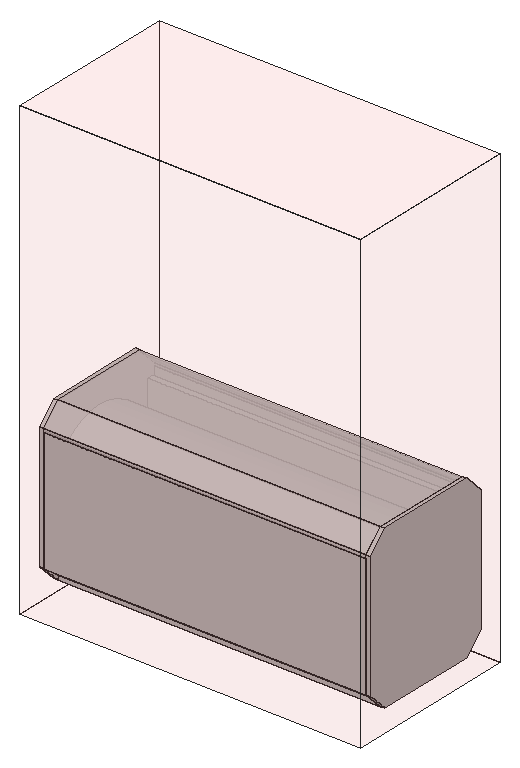
Revit family "Air-Curtain_Specialty_PoweredAire_LDX-Hazardous", category Mechanical Equipment, host Face, Revit 2024
Family settings
  Host = Face
  Round Connector Dimension = Use Diameter
  Part Type = Normal
  OmniClass Number = 23.75.35.17.21
  OmniClass Title = Air Curtains
  Cut with Voids When Loaded = No
  Maintain Annotation Orientation = No
  Shared = No
  Room Calculation Point = No
Parameters
  Warranty Duration (Years) = 0
  Unit Width Notes = "Other Widths available."  # constant formula
  Unit Width = 3' - 0"
  Unit Weight = 0
  Unit Height = 1' - 3"
  Unit Depth = 1' - 5 1/2"
  URL = "http://www.poweredaire.com/"
  Test Data = ""
  Standards Conformance = "as Specified"
  Specification = "http://www.arcat.com/sdspecs/htm04/23_34_33pai.htm"
  SpecWizard = ""
  Sound Pressure = "as Specified"
  Sales Information = "http://www.poweredaire.com/contact_us"
  Revision = "R1_2016-08"
  Projection from Host [instance] = 0' - 2"
  Product Properties = ""
  Product Data = "http://www.arcat.com/arcatcos/cos47/arc47623.html"
  Power Rating = 0 W
  Nozzle Width = if(1 = 1, Unit Width - 0' 1", 0' 0")  # 2' - 11"
  Mounting Width = if(1 = 1, Unit Width - 0' 0 15/16", 0' 0")  # 2' - 11 1/16"
  Mounting Height [instance] = 3' - 6"
  Motor RPM = 0
  Motor HP = 0
  Motor Count = 0
  Model = "As Specified"
  Max Height = 0' - 0"
  Manufacturer Website = "http://www.poweredaire.com/"
  Manufacturer Phone - Toll Free = "888-321-2473"
  Manufacturer Phone = "724-588-3305"
  Manufacturer Fax = "724-588-3371"
  Manufacturer Address = "109 Mortensen Rd.  Greenville, PA 16125"
  Manufacturer = "Powered Aire, Inc"
  Maintenance Schedule (Months) = 0
  Keynote = "23 34 33"
  Installation-Fabrication = ""
  Installation Phase = ""
  Include Clearance [instance] = yes
  Heating Element Load = 0 W
  HVAC_Temperature Rise = 0 °F
  HVAC_Outlet Volume = 0 CFM
  HVAC_Outlet Velocity Uniformity = 0
  HVAC_Outlet Velocity = 0 FPM
  Green Building-LEED = "http://www.arcat.com/green/clients/leed_data_47623.html"
  Front Grating Material [instance] = Metal - Steel - PoweredAire - Stainless 304 Perforated
  Frame Finish [instance] = Metal - Steel - PoweredAire - Stainless 304
  Expected Lifespan (Years) = 0
  Electrical_Wattage [instance] = Power Rating + Heating Element Load  # 0 W
  Electrical_Voltage [instance] = 0 V
  Electrical_Phase [instance] = 1
  Electrical_Frequency [instance] = 0 Hz
  Electrical_Amperage [instance] = 0 A
  Drawn By = "Sumex Design, Inc. / Robert S. Weygant, CSI, CDT, SCIP"
  Description = "Powered Aire Air Curtain as Specified"
  Default Elevation = 0' - 0"  # constant formula
  Copyright = "©Arcat Inc."
  Construction Details = "http://www.arcat.com/details/powair/prod3336.html"
  Clearance_Top [instance] = 0' - 2"
  Clearance_Side B [instance] = 0' - 0 1/2"
  Clearance_Side A [instance] = 0' - 0 1/2"
  Clearance_Intake [instance] = 2' - 6"
  Clearance_Bottom [instance] = 0' - 2"
  Clearance Material [instance] = ARCAT Clearance
  Building Codes = ""
  Available Options [instance] = "as Specified"
  Assembly Code = "D3090400"
Reference planes (in)
  plane 1 "Center (Elevation)": y = 0.13818
  plane 2: z = 0
  plane 3 "Center (Left/Right)": x = 0
  plane 4: y = 7.63818
  plane 5: y = -7.36182
  plane 6: x = -18
  plane 7: x = 18
  plane 8: z = 19.5
  plane 9 "FF": y = -41.86182
  plane 10: z = 2
  plane 11: x = 17.5
  plane 12: x = -17.5
  plane 13: y = 9.63818
  plane 14: y = -9.36182
  plane 15: x = -18.5
  plane 16: x = 18.5
  plane 17: z = 49.5
Forms (in)
  Extrusion 1, solid, material "Metal - Steel - PoweredAire - Stainless 304" <- "Frame Finish"
    sketch origin (0, 0, 0) x (0, 1, 0) y (0, 0, 1)
      loop
        line (5.69363, 2) -> (7.63818, 3.94454) -> (7.63818, 17.55546) -> (5.69363, 19.5) -> (-5.41728, 19.5) -> (-7.36182, 17.55546) -> (-7.36182, 3.94454) -> (-5.41728, 2) -> (5.69363, 2)
    from 17.5 to 18
  Extrusion 2, solid, material "Metal - Steel - PoweredAire - Stainless 304" <- "Frame Finish"
    sketch origin (0, 0, -0.5) x (0, 1, 0) y (0, 0, 1)
      loop
        circle (0.13818, 10.9739) r 6.25
      loop
        line (6.63818, 16.89427) -> (6.63818, 5.87829) -> (7.33849, 5.87829) -> (7.33849, 16.89427) -> (6.63818, 16.89427)
      loop
        line (-7.02798, 16.76927) -> (-7.02798, 5.75329) -> (-6.36182, 5.75329) -> (-6.36182, 16.76927) -> (-7.02798, 16.76927)
    from -17.5 to 17.5
  Extrusion 3, solid, material "Metal - Steel - PoweredAire - Stainless 304" <- "Frame Finish"
    sketch origin (0, 0, 0) x (0, 1, 0) y (0, 0, -1)
      loop
        line (5.69363, -2) -> (-5.41728, -2) -> (-7.36182, -3.94454) -> (-7.36182, -17.55546) -> (-5.41728, -19.5) -> (5.69363, -19.5) -> (7.63818, -17.55546) -> (7.63818, -3.94454) -> (5.69363, -2)
    from 17.5 to 18
  Extrusion 4, solid, material "Metal - Steel - PoweredAire - Stainless 304" <- "Frame Finish"
    sketch origin (0, 0, 0) x (0, 1, 0) y (0, 0, 1)
      loop
        line (-5.41728, 2) -> (5.69363, 2) -> (7.63818, 3.94454) -> (7.63818, 17.19454) -> (7.51318, 17.19454) -> (7.51318, 3.99632) -> (5.64186, 2.125) -> (-5.29228, 2.125) -> (-5.29228, 4.06954) -> (-7.23682, 4.06954) -> (-7.23682, 17.19454) -> (-7.36182, 17.19454) -> (-7.36182, 3.94454) -> (-5.41728, 3.94454) -> (-5.41728, 2)
      loop
        line (-6.64819, 3.61034) -> (-5.8702, 2.83235) -> (-5.74472, 2.95783) -> (-6.52271, 3.73583) -> (-6.64819, 3.61034)
    from -17.5 to 17.5
  Extrusion 5, solid, material "Metal - Steel - PoweredAire - Stainless 304 Perforated" <- "Front Grating Material"
    sketch origin (0, 0, 0) x (0, 1, 0) y (0, 0, 1)
      loop
        line (-7.36182, 17.19454) -> (-7.23682, 17.19454) -> (-7.23682, 17.50368) -> (-5.3655, 19.375) -> (5.64186, 19.375) -> (7.51318, 17.50368) -> (7.51318, 17.19454) -> (7.63818, 17.19454) -> (7.63818, 17.55546) -> (5.69363, 19.5) -> (-5.41728, 19.5) -> (-7.36182, 17.55546) -> (-7.36182, 17.19454)
    from -17.5 to 17.5
  Extrusion 6, solid, material "ARCAT Clearance" <- "Clearance Material", visible <- "Include Clearance"
    sketch origin (0, 0, 0) x (0, 1, 0) y (0, 0, 1)
      loop
        line (-9.36182, 49.5) -> (-9.36182, 0) -> (9.63818, 0) -> (9.63818, 49.5) -> (-9.36182, 49.5)
    from -18.5 to 18.5
Dimensions and locks (in)
  equal spacing: plane 4, plane 1 "Center (Elevation)", plane 5
  "Unit Height": plane 4 to plane 5
  equal spacing: plane 6, plane 3 "Center (Left/Right)", plane 7
  "Unit Width": plane 6 to plane 7
  "Mounting Height": plane 1 "Center (Elevation)" to plane 9 "FF"
  "Projection from Host": plane 10 to level
  "Unit Depth": plane 8 to plane 10
  locked: plane 6 to plane 12 at 0.5
  locked: plane 11 to plane 7 at 0.5
  "Clearance_Side A": plane 7 to plane 16
  "Clearance_Side B": plane 15 to plane 6
  "Clearance_Top": plane 13 to plane 4
  "Clearance_Bottom": plane 5 to plane 14
  "Clearance_Intake": plane 17 to plane 8
  aligned and locked: plane 2 to host face
  aligned and locked: level to host face
  aligned and locked: plane 7 to Extrusion 1
  aligned and locked: Extrusion 1 to plane 11
  aligned and locked: plane 12 to Extrusion 3
  aligned and locked: Extrusion 3 to plane 6
  aligned and locked: Extrusion 2 to plane 12
  aligned and locked: plane 11 to Extrusion 2
  aligned and locked: plane 11 to Extrusion 4
  aligned and locked: Extrusion 4 to plane 12
  aligned and locked: plane 11 to Extrusion 5
  aligned and locked: Extrusion 5 to plane 12
  aligned and locked: Extrusion 6 sketch curve to plane 17
  aligned and locked: plane 14 to Extrusion 6 sketch curve
  aligned and locked: level to Extrusion 6 sketch curve
  aligned and locked: Extrusion 6 sketch curve to plane 13
  aligned and locked: plane 16 to Extrusion 6
  aligned and locked: Extrusion 6 to plane 15
Automatic sketch dimensions
  host sketch curve to host sketch curve = 8' - 0"  (x2)
  Extrusion 1 sketch curve to plane 5 = 0' - 0"
  Extrusion 1 sketch curve to plane 8 = 0' - 0"
  Extrusion 1 sketch curve to plane 10 = 0' - 0"
  Extrusion 1 sketch curve to plane 4 = 0' - 0"
  plane 5 to Extrusion 1 sketch curve = 0' - 1.94454"  (x2)
  Extrusion 1 sketch curve to plane 4 = 0' - 1.94454"  (x2)
  plane 10 to Extrusion 1 sketch curve = 0' - 1.94454"  (x2)
  Extrusion 1 sketch curve to plane 8 = 0' - 1.94454"  (x2)
  Extrusion 2 sketch curve to plane 1 "Center (Elevation)" = 0' - 0"
  plane 5 to Extrusion 2 sketch curve = 0' - 1"
  plane 5 to Extrusion 2 sketch curve = 0' - 0.33384"
  Extrusion 2 sketch curve to plane 4 = 0' - 1"
  Extrusion 2 sketch curve to plane 4 = 0' - 0.29969"
  plane 10 to Extrusion 2 sketch curve = 0' - 3.37829"
  plane 10 to Extrusion 2 sketch curve = 0' - 3.25329"
  Extrusion 2 sketch curve to plane 8 = 0' - 9.0261"
  Extrusion 2 sketch curve to plane 8 = 0' - 3.23073"
  Extrusion 2 sketch curve to plane 8 = 0' - 3.10573"
  Extrusion 3 sketch curve to plane 5 = 0' - 0"
  Extrusion 3 sketch curve to plane 8 = 0' - 0"
  Extrusion 3 sketch curve to plane 10 = 0' - 0"
  Extrusion 3 sketch curve to plane 4 = 0' - 0"
  plane 5 to Extrusion 3 sketch curve = 0' - 1.94454"  (x2)
  Extrusion 3 sketch curve to plane 4 = 0' - 1.94454"  (x2)
  Extrusion 3 sketch curve to plane 8 = 0' - 1.94454"  (x2)
  plane 10 to Extrusion 3 sketch curve = 0' - 1.94454"  (x2)
  Extrusion 4 sketch curve to plane 5 = 0' - 0"
  Extrusion 4 sketch curve to plane 10 = 0' - 0"
  Extrusion 4 sketch curve to plane 4 = 0' - 0"
  plane 5 to Extrusion 4 sketch curve = 0' - 0 1/8"
  plane 5 to Extrusion 4 sketch curve = 0' - 0.71363"
  Extrusion 4 sketch curve to Extrusion 4 sketch curve = 0' - 0.12548"  (x2)
  Extrusion 4 sketch curve to Extrusion 4 sketch curve = 0' - 0.778"
  Extrusion 4 sketch curve to Extrusion 4 sketch curve = 0' - 0.32744"
  Extrusion 4 sketch curve to Extrusion 4 sketch curve = 0' - 0 1/8"  (x2)
  plane 10 to Extrusion 4 sketch curve = 0' - 0 1/8"
  Extrusion 4 sketch curve to plane 4 = 0' - 1.99632"
  Extrusion 4 sketch curve to Extrusion 4 sketch curve = 0' - 0.05178"  (x2)
  plane 10 to Extrusion 4 sketch curve = 0' - 0.83235"
  plane 10 to Extrusion 4 sketch curve = 0' - 1.94454"
  Extrusion 4 sketch curve to Extrusion 4 sketch curve = 0' - 0.3342"
  Extrusion 4 sketch curve to plane 4 = 0' - 0 1/8"
  Extrusion 4 sketch curve to plane 8 = 0' - 2.30546"  (x2)
  Extrusion 5 sketch curve to plane 5 = 0' - 0"
  Extrusion 5 sketch curve to plane 8 = 0' - 0"
  Extrusion 5 sketch curve to plane 4 = 0' - 0"
  plane 5 to Extrusion 5 sketch curve = 0' - 0 1/8"
  plane 5 to Extrusion 5 sketch curve = 0' - 1.94454"
  Extrusion 5 sketch curve to plane 8 = 0' - 0 1/8"
  Extrusion 5 sketch curve to Extrusion 5 sketch curve = 0' - 0.05178"  (x4)
  Extrusion 5 sketch curve to plane 4 = 0' - 1.99632"
  Extrusion 5 sketch curve to plane 8 = 0' - 1.94454"  (x2)
  Extrusion 5 sketch curve to Extrusion 5 sketch curve = 0' - 0 1/8"
  Extrusion 5 sketch curve to Extrusion 5 sketch curve = 0' - 0.30914"  (x2)
  radius of Extrusion 2 sketch curve = 0' - 6 1/4"
Connectors (in)
  electrical at (0, 7.63818, 10.56954), driven by "Electrical_Phase", driven by "Electrical_Voltage"
    settings: on Extrusion 4, index 1, voltage 0 V, apparent load 0 VA, apparent load phase1 0 VA, apparent load phase2 0 VA, apparent load phase3 0 VA, power factor 1, load classification "Motor", number of poles 1, system type 31, power factor state 1, is connector primary yes, connector utility no, sub classification motor no, connector description ""
